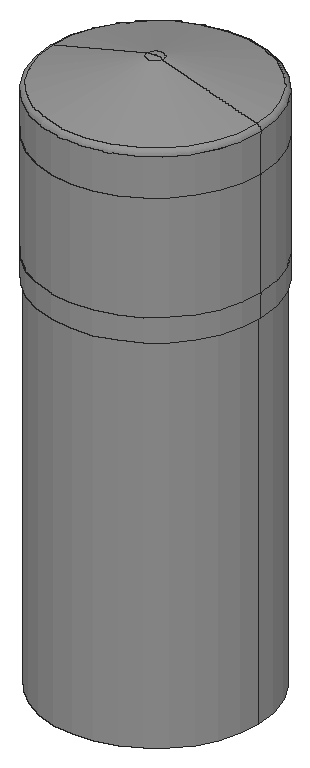
Revit family "KLU1_63_UN_Bollard-light_ETK ", category Lighting Fixtures, Revit 2017
Family settings
  Round Connector Dimension = Use Diameter
  Part Type = Normal
  OmniClass Number = 23.80.70.11.14.11
  OmniClass Title = Downlights
  Work Plane-Based = No
  Always vertical = Yes
  Cut with Voids When Loaded = No
  Light Source = No
  Shared = No
  Room Calculation Point = Yes
Parameters (values of type "KLU.1900 - 19W / 700lm / 3000K")
  Wattage Comments = "19W"
  Voltage = 230 V
  URL = "https://www.etk.nl/producten/klu-1/"
  Switch Code [instance] = ""
  Model = "KLU.1"
  Manufacturer = "ETK licht B.V."
  Luminaire_Body_Material = RAL7024
  Luminaire Height = 500 mm
  Luminaire Code [instance] = ""
  Light Source = KLU.1 - Lightsource : KLU.1900 - 19W / 700lm / 3000K
  Lamp = "LED"
  IfcExportType = "USERDEFINED"
  IfcExportAs = "IfcLightFixtureType"
  Description = "Bollard light"
  Copyright © IVLighting = "www.ivlighting.nl"
  Bundle = "180° - 360°"
  Assembly Code = "63.0"
  Apparent Load = 19 VA
Types (16, lengths in mm): name | Luminaire Height | Light Source
  KLU.1900 - 19W / 700lm / 3000K | 500 | KLU.1 - Lightsource : KLU.1900 - 19W / 700lm / 3000K
  KLU.1910 - 19W / 750lm / 4000K | 500 | KLU.1 - Lightsource : KLU.1910 - 19W / 750lm / 4000K
  KLU.1920 - 19W / 700lm / 3000K | 1000 | KLU.1 - Lightsource : KLU.1920 - 19W / 700lm / 3000K
  KLU.1930 - 19W / 750lm / 4000K | 1000 | KLU.1 - Lightsource : KLU.1930 - 19W / 750lm / 4000K
  KLU.1940 - 19W / 1550lm / 3000K | 500 | KLU.1 - Lightsource : KLU.1940 - 19W / 1550lm / 3000K
  KLU.1950 - 19W / 1650lm / 4000K | 500 | KLU.1 - Lightsource : KLU.1950 - 19W / 1650lm / 4000K
  KLU.1970 - 19W / 1500lm / 3000K | 1000 | KLU.1 - Lightsource : KLU.1970 - 19W / 1500lm / 3000K
  KLU.1980 - 19W / 1650lm / 4000K | 1000 | KLU.1 - Lightsource : KLU.1980 - 19W / 1650lm / 4000K
  KLU.1903 - 19W / 700lm / 3000K | 500 | KLU.1 - Lightsource : KLU.1903 - 19W / 700lm / 3000K
  KLU.1913 - 19W / 750lm / 4000K | 500 | KLU.1 - Lightsource : KLU.1913 - 19W / 750lm / 4000K
  KLU.1923 - 19W / 700lm / 3000K | 1000 | KLU.1 - Lightsource : KLU.1923 - 19W / 700lm / 3000K
  KLU.1933 - 19W / 750lm / 4000K | 1000 | KLU.1 - Lightsource : KLU.1933 - 19W / 750lm / 4000K
  KLU.1943 - 19W / 1550lm / 3000K | 500 | KLU.1 - Lightsource : KLU.1943 - 19W / 1550lm / 3000K
  KLU.1953 - 19W / 1650lm / 4000K | 500 | KLU.1 - Lightsource : KLU.1900 - 19W / 700lm / 3000K
  KLU.1973 - 19W / 1500lm / 3000K | 1000 | KLU.1 - Lightsource : KLU.1973 - 19W / 1500lm / 3000K
  KLU.1983 - 19W / 1650lm / 4000K | 1000 | KLU.1 - Lightsource : KLU.1983 - 19W / 1650lm / 4000K
Reference planes
  plane 1 "Center (Front/Back)": y = 0
  plane 2: z = 0
  plane 3 "Center (Left/Right)": x = 0
Forms (mm)
  Revolve 1, solid, material "RAL7024" <- "Luminaire_Body_Material"
    sketch origin (0, 0, 0) x (1, 0, 0) y (0, 0, 1)
      loop
        line (-92, 0) -> (0, 0) -> (0, 323.914) -> (-92, 323.914) -> (-92, 0)
      axis (0, 323.914) -> (0, 0)
    angle from 0 to 360
  Revolve 2, solid, material "RAL7024" <- "Luminaire_Body_Material"
    sketch origin (0, 0, 0) x (1, 0, 0) y (0, 0, 1)
      loop
        line (-92, 323.914) -> (0, 323.914) -> (0, 343.914) -> (-94, 343.914) -> (-94, 323.914) -> (-92, 323.914)
      axis (0, 343.914) -> (0, 323.914)
    angle from 0 to 360
  Revolve 3, solid, material "Glass, Clear Glazing"
    sketch origin (0, 0, 0) x (1, 0, 0) y (0, 0, 1)
      loop
        line (-94, 343.914) -> (0, 343.914) -> (0, 438.914) -> (-94, 438.914) -> (-94, 343.914)
      axis (0, 438.914) -> (0, 343.914)
    angle from 0 to 360
  Revolve 4, solid, material "RAL7024" <- "Luminaire_Body_Material"
    sketch origin (0, 0, 100) x (1, 0, 0) y (0, 0, 1)
      loop
        line (-94, 338.914) -> (0, 338.914) -> (0, 400) -> (-0.848, 400)
        arc (-0.848, 400) -> (-3.984, 399.721) -> (-7.067, 399.083) r 27.304
        line (-7.067, 399.083) -> (-90.294, 376.782)
        arc (-90.294, 376.782) -> (-92.967, 374.996) -> (-94, 371.952) r 5
        line (-94, 371.952) -> (-94, 338.914)
      axis (0, 400) -> (0, 338.914)
    angle from 0 to 360
  Revolve 5, solid, material "Glass, White, High Luminance"
    sketch origin (0, 0, 0) x (1, 0, 0) y (0, 0, 1)
      loop
        line (0, 343.914) -> (0, 438.914) -> (-10.701, 438.914) -> (-55, 343.914) -> (0, 343.914)
      axis (0, 438.914) -> (0, 343.914)
    angle from 0 to 360
Cuts and joins
  joined: Revolve 1, Revolve 2
Lines and regions (mm)
  symbolic lines
    curve 1: circle (0.006, -0.01, 0) r 93.994 normal (0, 0, 1)
    curve 2: line (66.47, 66.454, 0) -> (-66.458, -66.474, 0)
    curve 3: line (-66.458, 66.454, 0) -> (66.47, -66.474, 0)
Dimensions and locks
  locked: cut or joined group of Revolve 1, Revolve 2 to cut or joined group of Revolve 1, Revolve 2 at 20
  locked: Revolve 4 to cut or joined group of Revolve 1, Revolve 2 at 95
  locked: Revolve 5 to Revolve 5 at 95
  locked: Revolve 4 to Revolve 4 at 61.086
  "Luminaire Height": Revolve 4 to plane 2
  aligned and locked: level to plane 2
  aligned and locked: cut or joined group of Revolve 1, Revolve 2 to cut or joined group of Revolve 1, Revolve 2  (x4)
  aligned and locked: cut or joined group of Revolve 1, Revolve 2 to level
  aligned and locked: Revolve 3 to Revolve 4
  aligned and locked: Revolve 3 to cut or joined group of Revolve 1, Revolve 2
  aligned and locked: Revolve 4 to Revolve 5
  aligned and locked: cut or joined group of Revolve 1, Revolve 2 to Revolve 5
Automatic sketch dimensions
  Revolve 1 sketch curve to level = 0 mm
  Revolve 1 sketch curve to plane 3 "Center (Left/Right)" = 0 mm  (x2)
  Revolve 1 sketch curve to Revolve 1 sketch curve = 92 mm
  level to Revolve 1 sketch curve = 323.914 mm
  Revolve 1 sketch curve to level = 366.045 mm
  Revolve 1 sketch curve to Revolve 1 sketch curve = 1114.315 mm
  Revolve 2 sketch curve to plane 3 "Center (Left/Right)" = 0 mm  (x2)
  Revolve 2 sketch curve to plane 3 "Center (Left/Right)" = 92 mm
  Revolve 2 sketch curve to Revolve 2 sketch curve = 2 mm
  level to Revolve 2 sketch curve = 323.914 mm
  Revolve 2 sketch curve to Revolve 2 sketch curve = 20 mm
  Revolve 2 sketch curve to level = 366.045 mm
  Revolve 2 sketch curve to Revolve 2 sketch curve = 1194.315 mm
  Revolve 3 sketch curve to plane 3 "Center (Left/Right)" = 0 mm  (x2)
  Revolve 3 sketch curve to plane 3 "Center (Left/Right)" = 94 mm
  level to Revolve 3 sketch curve = 343.914 mm
  Revolve 3 sketch curve to Revolve 3 sketch curve = 95 mm
  Revolve 3 sketch curve to level = 366.045 mm
  Revolve 3 sketch curve to Revolve 3 sketch curve = 1099.315 mm
  Revolve 4 sketch curve to plane 3 "Center (Left/Right)" = 0 mm  (x3)
  Revolve 4 sketch curve to Revolve 4 sketch curve = 0.848 mm
  Revolve 4 sketch curve to Revolve 4 sketch curve = 6.219 mm
  Revolve 4 sketch curve to Revolve 4 sketch curve = 81.933 mm
  Revolve 4 sketch curve to Revolve 4 sketch curve = 1.294 mm
  Revolve 4 sketch curve to Revolve 4 sketch curve = 5 mm
  level to Revolve 4 sketch curve = 438.914 mm
  Revolve 4 sketch curve to Revolve 4 sketch curve = 33.038 mm
  Revolve 4 sketch curve to Revolve 4 sketch curve = 33.796 mm
  Revolve 4 sketch curve to Revolve 4 sketch curve = 26.373 mm
  Revolve 4 sketch curve to level = 266.045 mm
  Revolve 4 sketch curve to Revolve 4 sketch curve = 1038.229 mm
  Revolve 5 sketch curve to plane 3 "Center (Left/Right)" = 0 mm  (x2)
  Revolve 5 sketch curve to plane 3 "Center (Left/Right)" = 10.701 mm
  Revolve 5 sketch curve to plane 3 "Center (Left/Right)" = 55 mm
  level to Revolve 5 sketch curve = 343.914 mm
  Revolve 5 sketch curve to Revolve 5 sketch curve = 95 mm
  Revolve 5 sketch curve to level = 366.045 mm
  Revolve 5 sketch curve to Revolve 5 sketch curve = 1099.315 mm
  plane 3 "Center (Left/Right)" to curve 1 = 0.006 mm
  plane 1 "Center (Front/Back)" to curve 1 = 0.01 mm
  curve 2 to plane 3 "Center (Left/Right)" = 66.458 mm
  curve 3 to plane 3 "Center (Left/Right)" = 66.458 mm
  plane 3 "Center (Left/Right)" to curve 3 = 66.47 mm
  plane 3 "Center (Left/Right)" to curve 2 = 66.47 mm
  plane 1 "Center (Front/Back)" to curve 2 = 66.474 mm
Nested families
  nested 1: "KLU.1 - Lightsource" at (0.006, -0.01, 403.914), type <- "Light Source", type "KLU.1900 - 19W / 700lm / 3000K"
Definition of nested family "KLU.1 - Lightsource"
  Parameters (values of type "KLU.1900 - 19W / 700lm / 3000K")
    Wattage Comments = "19W"
    Wattage = 4.71247 W
    built-in parameter 1150110 = 1 (stored number, unit not read)
    URL = "https://www.etk.nl/producten/klu-1/"
    built-in parameter 1114217 = 1 (stored number, unit not read)
    Tilt Angle = 90.00°
    built-in parameter 1150109 = 1 (stored number, unit not read)
    built-in parameter 1150134 = (empty or 0)
    built-in parameter 1150113 = 1 (stored number, unit not read)
    Photometric Web File = "Arcluce-0871001A-840-21.IES"
    Model = "KLU.1"
    Manufacturer = "ETK B.V."
    built-in parameter 1150105 = 55.704 (stored number, unit not read)
    Lumens = 700 lm
    built-in parameter 1150115 = 1 (stored number, unit not read)
    built-in parameter 1150137 = (empty or 0)
    built-in parameter 1150139 = (empty or 0)
    built-in parameter 1150112 = 1 (stored number, unit not read)
    built-in parameter 1150114 = 1 (stored number, unit not read)
    Lamp = "LED"
    built-in parameter 1150132 = 2
    built-in parameter 1150102 = (empty or 0)
    built-in parameter 1150107 = 3000 (stored number, unit not read)
    built-in parameter 1150138 = (empty or 0)
    built-in parameter 1150106 = 0.55704 (stored number, unit not read)
    built-in parameter 1150104 = 13.8 (stored number, unit not read)
    Dimming Lamp Color Temperature Shift = (empty or 0)
    Description = "Light sources"
    Default Elevation = 1219.2 mm
    Copyright © IVLighting = "www.ivlighting.nl"
    Color Filter = 16777215
    Bundle = "90°"
    built-in parameter 1114218 = 1 (stored number, unit not read)
    built-in parameter 1150133 = 10 (stored number, unit not read)
    Assembly Code = "63.0"
    Apparent Load = 19 VA
  Types (16, lengths in mm): name | Wattage | built-in parameter 1150134 | built-in parameter 1150105 | Lumens | built-in parameter 1150107 | built-in parameter 1150106
    KLU.1900 - 19W / 700lm / 3000K | 4.71247 W | (empty or 0) | 55.704 (stored number, unit not read) | 700 lm | 3000 (stored number, unit not read) | 0.55704 (stored number, unit not read)
    KLU.1910 - 19W / 750lm / 4000K | 5.04908 W | 12 | 59.683 (stored number, unit not read) | 750 lm | 4000 (stored number, unit not read) | 0.59683 (stored number, unit not read)
    KLU.1920 - 19W / 700lm / 3000K | 4.71247 W | (empty or 0) | 55.704 (stored number, unit not read) | 700 lm | 3000 (stored number, unit not read) | 0.55704 (stored number, unit not read)
    KLU.1930 - 19W / 750lm / 4000K | 5.04908 W | 12 | 59.683 (stored number, unit not read) | 750 lm | 4000 (stored number, unit not read) | 0.59683 (stored number, unit not read)
    KLU.1940 - 19W / 1550lm / 3000K | 10.4348 W | (empty or 0) | 123.35 (stored number, unit not read) | 1550 lm | 3000 (stored number, unit not read) | 1.2335 (stored number, unit not read)
    KLU.1950 - 19W / 1650lm / 4000K | 11.108 W | 12 | 131.3 (stored number, unit not read) | 1650 lm | 4000 (stored number, unit not read) | 1.313 (stored number, unit not read)
    KLU.1970 - 19W / 1500lm / 3000K | 10.0982 W | (empty or 0) | 119.37 (stored number, unit not read) | 1500 lm | 3000 (stored number, unit not read) | 1.1937 (stored number, unit not read)
    KLU.1980 - 19W / 1650lm / 4000K | 11.108 W | 12 | 131.3 (stored number, unit not read) | 1650 lm | 4000 (stored number, unit not read) | 1.313 (stored number, unit not read)
    KLU.1903 - 19W / 700lm / 3000K | 4.71247 W | (empty or 0) | 55.704 (stored number, unit not read) | 700 lm | 3000 (stored number, unit not read) | 0.55704 (stored number, unit not read)
    KLU.1913 - 19W / 750lm / 4000K | 5.04908 W | 12 | 59.683 (stored number, unit not read) | 750 lm | 4000 (stored number, unit not read) | 0.59683 (stored number, unit not read)
    KLU.1923 - 19W / 700lm / 3000K | 4.71247 W | (empty or 0) | 55.704 (stored number, unit not read) | 700 lm | 3000 (stored number, unit not read) | 0.55704 (stored number, unit not read)
    KLU.1933 - 19W / 750lm / 4000K | 5.04908 W | 12 | 59.683 (stored number, unit not read) | 750 lm | 4000 (stored number, unit not read) | 0.59683 (stored number, unit not read)
    KLU.1943 - 19W / 1550lm / 3000K | 10.4348 W | (empty or 0) | 123.35 (stored number, unit not read) | 1550 lm | 3000 (stored number, unit not read) | 1.2335 (stored number, unit not read)
    KLU.1953 - 19W / 1650lm / 4000K | 11.108 W | 12 | 131.3 (stored number, unit not read) | 1650 lm | 4000 (stored number, unit not read) | 1.313 (stored number, unit not read)
    KLU.1973 - 19W / 1500lm / 3000K | 10.0982 W | (empty or 0) | 119.37 (stored number, unit not read) | 1500 lm | 3000 (stored number, unit not read) | 1.1937 (stored number, unit not read)
    KLU.1983 - 19W / 1650lm / 4000K | 11.108 W | 12 | 131.3 (stored number, unit not read) | 1650 lm | 4000 (stored number, unit not read) | 1.313 (stored number, unit not read)
  Reference planes
    plane 1 "Center (Front/Back)": y = 0
    plane 2: z = 0
    plane 3 "Center (Left/Right)": x = 0
  Dimensions and locks
    aligned and locked: level to plane 2
